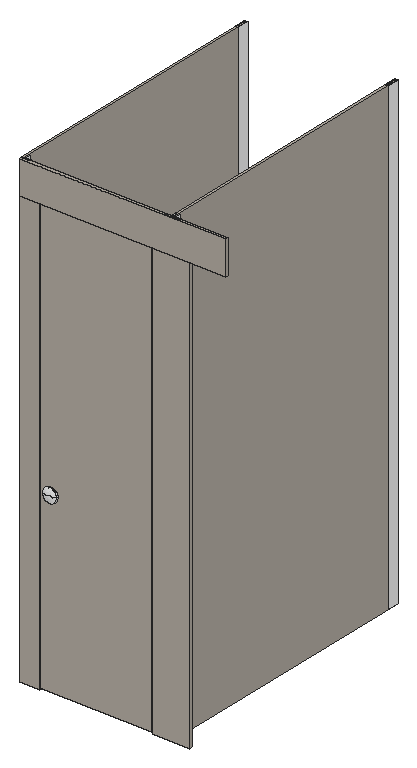
Revit family "NBS_ConceptCubicleSystems_PnlCbclSym_Identity", category Specialty Equipment, Revit 2021
Family settings
  Round Connector Dimension = Use Diameter
  Part Type = Normal
  Work Plane-Based = No
  Always vertical = Yes
  Cut with Voids When Loaded = No
  Shared = No
  Room Calculation Point = No
Parameters (values of type "PLEASE USE TYPE CATALOGUE")
  WarrantyStartDate [instance] = "1900-12-31T23:59:59"
  WarrantyGuarantorParts = "n/a"
  WarrantyGuarantorLabor = "n/a"
  WarrantyDurationUnit = "year"
  WarrantyDurationParts = "n/a"
  WarrantyDurationLabor = "n/a"
  WarrantyDescription = "n/a"
  Version = "2"  # constant formula
  Uniclass2015Version = "Systems v1.33"
  Uniclass2015Title = "Panel cubicle systems"
  Uniclass2015Code = "Ss_25_12_60_60"
  TagNumber [instance] = "n/a"
  SustainabilityPerformance = "n/a"
  SupportHeight [instance] = if(PartitionUndercut < 2 mm, 2 mm, PartitionUndercut)  # 2 mm
  Size = "n/a"
  ShowWallToWallSingleOverPanel [instance] = and(HasOverPanel, IsWallToWallSingleCubicle)  # no
  ShowWallEndSingleOverPanel [instance] = and(HasOverPanel, IsWallEndSingleCubicle)  # no
  ShowWallEndFirstOverPanel [instance] = and(HasOverPanel, IsWallEndFirstCubicle)  # no
  ShowSingleOverPanel [instance] = and(HasOverPanel, IsSingleCubicle)  # no
  ShowFirstOverPanel [instance] = and(HasOverPanel, IsFirstCubicle)  # yes
  ShowCubicleLocationLines [instance] = yes
  Shape = "Rectangle"
  SerialNumber [instance] = "n/a"
  ReverseDoorSwing [instance] = no
  ReplacementCost = "n/a"
  RailOffsetRight [instance] = if(or(IsWallEndFirstCubicle, IsWallEndEndCubicle, IsWallToWallSingleCubicle, IsFirstCubicle, IsMiddleCubicle), PanelThickness / 2, 0 mm)  # 6.25 mm
  RailOffsetLeft [instance] = if(or(IsEndCubicle, IsWallEndFirstCubicle, IsWallEndEndCubicle, IsWallEndSingleCubicle, IsWallToWallSingleCubicle, IsMiddleCubicle), PanelThickness / 2, 0 mm)  # 0 mm
  ProductInformation = "https://source.thenbs.com/product/-/f7d1f04b-28d0-4fed-9bad-c33878cb4606/ee91487b-4fed-4ea8-bdb4-540aec929c89"
  Pilasters = "12.5 mm Solid Grade Laminate (CGL)"
  PilasterRightWidth [instance] = 100 mm  # constant formula
  PilasterOpeningWidth [instance] = CubicleWidth - PilasterLeftWidth - PilasterRightWidth  # 600 mm
  PilasterMaterial = NBS_ConceptCubicleSystems_B100_BanianBlanchi-GreyGrained
  PilasterLeftWidth [instance] = 100 mm  # constant formula
  PilasterLeftCoarse [instance] = or(HasPilasterLeftCorner, HasPilasterLeftWall)  # yes
  PartitionMaterial = NBS_ConceptCubicleSystems_B100_BanianBlanchi-GreyGrained
  PartitionUndercut = 0 mm  # constant formula
  Panels = "12.5 mm Solid Grade Laminate (CGL)"
  PanelThickness = 12.5 mm
  PanelSupports = "To floor in 'U' channels"
  OverPanelMaterial = NBS_ConceptCubicleSystems_B100_BanianBlanchi-GreyGrained
  OverPanelLength [instance] = 1090 mm
  OpenOut [instance] = not(OpenIn)  # no
  OpenIn [instance] = yes
  ReversedDoorSwing [instance] = not(ReverseDoorSwing)  # yes
  NominalWidth = 0 mm
  NominalLength = 0 mm
  NominalHeight = 0 mm
  Name = "PanelCubicleSystems_IdentityCubicleSystem_12.5mmSolidGradeLaminateCGL_FirstCubicle_ConceptCubicleSystems"
  NBSVariantId = "b3b62c22-f82c-b3de-9ca2-f8acbda7c360"
  NBSObjectId = "f7d1f04b-28d0-4fed-9bad-c33878cb4606"
  NBSInstanceId = "ee91487b-4fed-4ea8-bdb4-540aec929c89"
  ModelReference = "Identity Cubicle System 12.5 mm Solid Grade Laminate (CGL)"
  ModelNumber = "n/a"
  Material = "High pressure laminate (HPL),Solid grade laminate (SGL)"
  ManufacturerURL = "www.conceptcubiclesystems.co.uk"
  ManufacturerName = "Concept Cubicle Systems"  # constant formula
  Manufacturer = "specifications@conceptcubiclesystems.co.uk"
  Lippings = "Bullnose black core"
  IsWallEndSingleCubicle = no
  IsWallEndFirstCubicle = no
  IsWallEndEndCubicle = no
  IsSingleCubicle = no
  IsWallToWallSingleCubicle = no
  IsMiddleCubicle = no
  IsFirstCubicle = yes
  IsEndCubicle = no
  Ironmongery = "Powder-coated, nickel,Powder-coated, copper,Powder-coated, matt light grey,Powder-coated, matt white,Powder-coated, matt black"
  InstallationDate [instance] = "1900-12-31T23:59:59"
  IfcExportType = "USERDEFINED"  # constant formula
  IfcExportAs = "IfcFurnitureType"  # constant formula
  HasPilasterRightWall = or(IsWallToWallSingleCubicle, IsWallEndEndCubicle)  # no
  HasPilasterRightCorner = or(IsEndCubicle, IsWallEndSingleCubicle, IsSingleCubicle)  # no
  HasPilasterRight = or(IsFirstCubicle, IsMiddleCubicle, IsWallEndFirstCubicle)  # yes
  HasPilasterLeftWall = or(IsWallToWallSingleCubicle, IsWallEndSingleCubicle, IsWallEndFirstCubicle)  # no
  HasPilasterLeftCorner = or(IsFirstCubicle, IsSingleCubicle)  # yes
  HasPartitionRight = not(or(IsWallToWallSingleCubicle, IsWallEndEndCubicle))  # yes
  HasPartitionLeft = or(IsSingleCubicle, IsFirstCubicle)  # yes
  HasOverPanel [instance] = (CubicleHeight - 10 mm) > ClearOpeningHeight  # yes
  Hardware = "Flush-fit hinges. Powder-coated aluminium ironmongery"
  Grade = "n/a"
  FittingMaterial = NBS_ConceptCubicleSystems_SatinAnodisedAluminium
  Finish = "Laminated,Powder-coated"
  Features = "n/a"
  ExpectedLife = "n/a"
  DurationUnit = "year"
  Doors = "12.5 mm Solid Grade Laminate (CGL)"
  DoorLeafMaterial = NBS_ConceptCubicleSystems_B100_BanianBlanchi-GreyGrained
  DoorLeafUndercut = 10 mm
  Description = "Robust, flush-fronted cubicle system. "
  Default Elevation = 0 mm
  CubicleWidth [instance] = 800 mm
  CubicleHeight [instance] = 2500 mm
  CubicleDepth [instance] = 1500 mm
  CountryOfProductManufacture = "United Kingdom"
  CountryOfMaterialOrigin = "Europe"
  ContainsRedListMaterials = "No"
  Constituents = "n/a"
  Colour = "Polyrey® Beige Nature (B116),Polyrey® Blanc Megève (B070),Polyrey® Blanc Menuires (B015),Polyrey® Bleu Bueé (B194),Polyrey®  Bleu Caraïbes (B086),Polyrey® Banian Noirci (B101),Polyrey® Bleu Oslo (B048),Polyrey® Banian Blanchi (B100),Polyrey® Cactus (C049),Polyrey® Capucine (C062),Polyrey® Chêne Clair Horizontal (C102),olyrey® Bleu Flash (B001),Polyrey® Bleu Turquoise (B119),Polyrey® Chardon (C018),Polyrey® Coquille D’œuf (C017),Polyrey® Cyclamen (C189),Polyrey® Genêt (G031),Polyrey® Gris Cendré (G075),Polyrey® Gris Orage (G059),Polyrey® Gris Perle (G003),Polyrey® Gris Tourterelle (G029),Polyrey® Mousse (M047),Polyrey® Noir (N005),Polyrey® Orgeat (O111),Polyrey® Pierre De Lune (P001),Polyrey® Pomme Verte (P092),Polyrey® Rose Indien (R059),Polyrey® Rouge Amarante (R057),Polyrey® Rouge Cerise (R036),Polyrey® Vert Bali (V109),Polyrey® Vert Impérial (V110),Polyrey® Vinyle (V014),Polyrey® Zeste De Citron (Z016),Polyrey® Teck Carbone (T105),Polyrey® Travertin Naturel (T108),Polyrey® Chêne Brun Horizontal (C101),Polyrey® Noyer Ombré (N026),Polyrey® Noyer Havana Horizontal (N115),Polyrey® Chêne Colorado (C149),Polyrey® Chêne Alba (C180),Polyrey® Chêne Clair Horizontal (C102),Polyrey® Noisetier Naturel (N056),Polyrey® Erable Féroé Horizontal (E104),Polyrey® Chêne D’Argent (C183),Polyrey® Marbre Taisa (M124),Polyrey® Nova Mousse (N028),Polyrey® Zeste Coco (Z022),Polyrey® Marbre Siroco (M134),Polyrey® Caviar (C011).,Polyrey® Zeste Indigo (Z038),Polyrey® Gris Acier (G076),Polyrey® Bleu Pétrole (B125),Polyrey® Céladon (C190),Polyrey® Kaki (K003),Polyrey® Fer (F006),Polyrey® Poivre (P114)"
  Color = "n/a"
  CodePerformance = "n/a"
  ClearOpeningWidth [instance] = CubicleWidth - PilasterLeftWidth - PilasterRightWidth  # 600 mm
  ClearOpeningHeight [instance] = 2320 mm
  Category = "Ss_25_12_60_60:Panel cubicle systems"
  CalcOverPanelHeight [instance] = if(HasOverPanel, CubicleHeight - ClearOpeningHeight, 10 mm)  # 180 mm
  BarCode [instance] = "n/a"
  BIMObjectName = "NBS_ConceptCubicleSystems_PanelCubicleSystems_IdentityCubicleSystem_12.5mmSolidGradeLaminateCGL_FirstCubicle"
  Author = "NBS"  # constant formula
  AssetType = "Fixed"
  AssetIdentifier [instance] = "n/a"
  AccessibilityPerformance = "n/a"
Reference planes
  plane 1 "Back": y = 0
  plane 2: z = 0
  plane 3 "Center (Left/Right)": x = 0
  plane 4 "CubicleLeft": x = -400
  plane 5 "CubicleRight": x = 400
  plane 6 "LeftPartitionExternal": x = -406.25
  plane 7 "LeftPartitionInternal": x = -393.75
  plane 8 "RightPartitionExternal": x = 406.25
  plane 9 "RightPartitionInternal": x = 393.75
  plane 10 "LeftPilaster": x = -300
  plane 11 "RightPilaster": x = 300
  plane 12 "Front": y = -1500
  plane 13 "Top": z = 2500
  plane 14 "PartitionElevation": z = 0
  plane 15 "Left": x = -400
  plane 16 "Right": x = 400
  plane 17 "ClearOpeningTop": z = 2460
  plane 18 "Leg": y = -1300
  plane 19 "OverPanelBottom": z = 2320
  plane 20 "PilasterBack": y = -1487.5
  plane 21 "OverPlanelTop": z = 2500
  plane 22: x = 500
  plane 23 "OverPanelEnd": x = 690
Forms (mm)
  Extrusion 1, solid, material "NBS_ConceptCubicleSystems_B100_BanianBlanchi-GreyGrained" <- "PartitionMaterial", visible <- "HasPartitionLeft", detail levels medium+fine
    sketch origin (0, 0, 0) x (1, 0, 0) y (0, 1, 0)
      loop
        line (-406.25, 0) -> (-406.25, -1487.5) -> (-393.75, -1487.5) -> (-393.75, 0) -> (-406.25, 0)
    from 0 to 2500
  Extrusion 2, solid, material "NBS_ConceptCubicleSystems_B100_BanianBlanchi-GreyGrained" <- "PartitionMaterial", visible <- "HasPartitionRight", detail levels medium+fine
    sketch origin (0, 0, 0) x (1, 0, 0) y (0, 1, 0)
      loop
        line (393.75, 0) -> (393.75, -1487.5) -> (406.25, -1487.5) -> (406.25, 0) -> (393.75, 0)
    from 0 to 2500
  Extrusion 3, solid, material "NBS_ConceptCubicleSystems_B100_BanianBlanchi-GreyGrained" <- "PartitionMaterial", visible <- "HasPartitionLeft", detail levels coarse
    sketch origin (0, 0, 0) x (1, 0, 0) y (0, 1, 0)
      loop
        line (-406.25, 0) -> (-406.25, -1487.5) -> (-393.75, -1487.5) -> (-393.75, 0) -> (-406.25, 0)
    from 0 to 2500
  Extrusion 4, solid, material "NBS_ConceptCubicleSystems_B100_BanianBlanchi-GreyGrained" <- "PartitionMaterial", visible <- "HasPartitionRight", detail levels coarse
    sketch origin (0, 0, 0) x (1, 0, 0) y (0, 1, 0)
      loop
        line (393.75, 0) -> (393.75, -1487.5) -> (406.25, -1487.5) -> (406.25, 0) -> (393.75, 0)
    from 0 to 2500
  Sweep 5, solid, material "NBS_ConceptCubicleSystems_SatinAnodisedAluminium" <- "FittingMaterial", visible <- "HasPartitionLeft", detail levels fine
    path origin (0, 0, 0) x (1, 0, 0) y (0, 0, 1)
      loop
        line (-400, 0) -> (-400, 2500)
    profile origin (-400, 0, 1250) x (-1, 0, 0) y (0, -1, 0)
      loop
        line (8.25, 58) -> (6.25, 58) -> (6.25, 2) -> (-6.25, 2) -> (-6.25, 58) -> (-8.25, 58) -> (-8.25, 0) -> (8.25, 0) -> (8.25, 58)
  Sweep 6, solid, material "NBS_ConceptCubicleSystems_SatinAnodisedAluminium" <- "FittingMaterial", visible <- "HasPartitionRight", detail levels fine
    path origin (0, 0, 0) x (1, 0, 0) y (0, 0, 1)
      loop
        line (400, 0) -> (400, 2500)
    profile origin (400, 0, 1250) x (-1, 0, 0) y (0, -1, 0)
      loop
        line (8.25, 58) -> (6.25, 58) -> (6.25, 2) -> (-6.25, 2) -> (-6.25, 58) -> (-8.25, 58) -> (-8.25, 0) -> (8.25, 0) -> (8.25, 58)
  Sweep 7, solid, material "NBS_ConceptCubicleSystems_SatinAnodisedAluminium" <- "FittingMaterial", visible <- "HasPilasterLeftWall", detail levels fine
    path origin (-1330.638, -1500, 1200) x (-1, 0, 0) y (0, 0, 1)
      loop
        line (-930.638, -1200) -> (-930.638, 1300)
    profile origin (-400, -1500, 1250) x (1, 0, 0) y (0, 1, 0)
      loop
        line (4, 42.5) -> (0, 42.5) -> (0, 12.5) -> (30, 12.5) -> (30, 16.5) -> (4, 16.5) -> (4, 42.5)
  Sweep 8, solid, material "NBS_ConceptCubicleSystems_SatinAnodisedAluminium" <- "FittingMaterial", visible <- "HasPilasterRight", detail levels fine
    path origin (-1330.638, -1500, 1200) x (-1, 0, 0) y (0, 0, 1)
      loop
        line (-1730.638, -1200) -> (-1730.638, 1300)
    profile origin (400, -1500, 1250) x (1, 0, 0) y (0, 1, 0)
      loop
        line (-6.25, 42.5) -> (-10.25, 42.5) -> (-10.25, 16.5) -> (-36.25, 16.5) -> (-36.25, 12.5) -> (-6.25, 12.5) -> (-6.25, 42.5)
      loop
        line (6.25, 42.5) -> (6.25, 12.5) -> (36.25, 12.5) -> (36.25, 16.5) -> (10.25, 16.5) -> (10.25, 42.5) -> (6.25, 42.5)
  Sweep 9, solid, material "NBS_ConceptCubicleSystems_SatinAnodisedAluminium" <- "FittingMaterial", visible <- "HasPilasterRightWall", detail levels fine
    path origin (-1330.638, -1500, 1200) x (-1, 0, 0) y (0, 0, 1)
      loop
        line (-1730.638, -1200) -> (-1730.638, 1300)
    profile origin (400, -1500, 1250) x (1, 0, 0) y (0, 1, 0)
      loop
        line (-4, 42.5) -> (-4, 16.5) -> (-30, 16.5) -> (-30, 12.5) -> (0, 12.5) -> (0, 42.5) -> (-4, 42.5)
  Sweep 10, solid, material "NBS_ConceptCubicleSystems_SatinAnodisedAluminium" <- "FittingMaterial", visible <- "HasPilasterRightCorner", detail levels fine
    path origin (-1330.638, -1500, 1200) x (-1, 0, 0) y (0, 0, 1)
      loop
        line (-1730.638, -1200) -> (-1730.638, 1300)
    profile origin (400, -1500, 1250) x (1, 0, 0) y (0, 1, 0)
      loop
        line (-6.25, 42.5) -> (-10.25, 42.5) -> (-10.25, 16.5) -> (-36.25, 16.5) -> (-36.25, 12.5) -> (-6.25, 12.5) -> (-6.25, 42.5)
  Sweep 11, solid, material "NBS_ConceptCubicleSystems_SatinAnodisedAluminium" <- "FittingMaterial", visible <- "HasPilasterLeftCorner", detail levels fine
    path origin (-1330.638, -1500, 1200) x (-1, 0, 0) y (0, 0, 1)
      loop
        line (-930.638, -1200) -> (-930.638, 1300)
    profile origin (-400, -1500, 1250) x (1, 0, 0) y (0, 1, 0)
      loop
        line (6.25, 42.5) -> (6.25, 12.5) -> (36.25, 12.5) -> (36.25, 16.5) -> (10.25, 16.5) -> (10.25, 42.5) -> (6.25, 42.5)
  Extrusion 12, solid, material "NBS_ConceptCubicleSystems_B100_BanianBlanchi-GreyGrained" <- "PilasterMaterial", visible <- "HasPilasterLeftWall", detail levels medium+fine
    sketch origin (-1330.638, -1500, 1200) x (-1, 0, 0) y (0, 0, 1)
      loop
        line (-930.638, -1200) -> (-930.638, 1120) -> (-1030.638, 1120) -> (-1030.638, -1200) -> (-930.638, -1200)
    from 0 to 12.5
  Extrusion 13, solid, material "NBS_ConceptCubicleSystems_B100_BanianBlanchi-GreyGrained" <- "PilasterMaterial", visible <- "HasPilasterRightCorner", detail levels medium+fine
    sketch origin (-1330.638, -1500, 1200) x (-1, 0, 0) y (0, 0, 1)
      loop
        line (-1630.638, 1120) -> (-1736.888, 1120) -> (-1736.888, -1200) -> (-1630.638, -1200) -> (-1630.638, 1120)
    from 0 to 12.5
  Extrusion 14, solid, material "NBS_ConceptCubicleSystems_B100_BanianBlanchi-GreyGrained" <- "OverPanelMaterial", visible <- "ShowWallToWallSingleOverPanel"
    sketch origin (-1330.638, -1500, 1200) x (-1, 0, 0) y (0, 0, 1)
      loop
        line (-930.638, 1120) -> (-930.638, 1300) -> (-1730.638, 1300) -> (-1730.638, 1120) -> (-930.638, 1120)
    from 0 to 12.5
  Extrusion 15, solid, material "NBS_ConceptCubicleSystems_B100_BanianBlanchi-GreyGrained" <- "PilasterMaterial", visible <- "HasPilasterLeftCorner", detail levels medium+fine
    sketch origin (-1330.638, -1500, 1200) x (-1, 0, 0) y (0, 0, 1)
      loop
        line (-924.388, -1200) -> (-924.388, 1120) -> (-1030.638, 1120) -> (-1030.638, -1200) -> (-924.388, -1200)
    from 0 to 12.5
  Extrusion 16, solid, material "NBS_ConceptCubicleSystems_B100_BanianBlanchi-GreyGrained" <- "PilasterMaterial", visible <- "HasPilasterRight", detail levels medium+fine
    sketch origin (-1330.638, -1500, 1200) x (-1, 0, 0) y (0, 0, 1)
      loop
        line (-1630.638, -1200) -> (-1630.638, 1120) -> (-1830.638, 1120) -> (-1830.638, -1200) -> (-1630.638, -1200)
    from 0 to 12.5
  Extrusion 17, solid, material "NBS_ConceptCubicleSystems_B100_BanianBlanchi-GreyGrained" <- "PilasterMaterial", visible <- "HasPilasterRightWall", detail levels medium+fine
    sketch origin (-1330.638, -1500, 1200) x (-1, 0, 0) y (0, 0, 1)
      loop
        line (-1730.638, -1200) -> (-1630.638, -1200) -> (-1630.638, 1120) -> (-1730.638, 1120) -> (-1730.638, -1200)
    from 0 to 12.5
  Extrusion 18, solid, material "NBS_ConceptCubicleSystems_B100_BanianBlanchi-GreyGrained" <- "OverPanelMaterial", visible <- "ShowSingleOverPanel"
    sketch origin (-1330.638, -1500, 1200) x (-1, 0, 0) y (0, 0, 1)
      loop
        line (-924.388, 1120) -> (-924.388, 1300) -> (-1736.888, 1300) -> (-1736.888, 1120) -> (-924.388, 1120)
    from 0 to 12.5
  Extrusion 19, solid, material "NBS_ConceptCubicleSystems_B100_BanianBlanchi-GreyGrained" <- "OverPanelMaterial", visible <- "ShowWallEndSingleOverPanel"
    sketch origin (-1330.638, -1500, 1200) x (-1, 0, 0) y (0, 0, 1)
      loop
        line (-930.638, 1120) -> (-930.638, 1300) -> (-1736.888, 1300) -> (-1736.888, 1120) -> (-930.638, 1120)
    from 0 to 12.5
  Extrusion 20, solid, material "NBS_ConceptCubicleSystems_B100_BanianBlanchi-GreyGrained" <- "OverPanelMaterial", visible <- "ShowWallEndFirstOverPanel"
    sketch origin (-1330.638, -1500, 1200) x (-1, 0, 0) y (0, 0, 1)
      loop
        line (-930.638, 1300) -> (-2020.638, 1300) -> (-2020.638, 1120) -> (-930.638, 1120) -> (-930.638, 1300)
    from 0 to 12.5
  Extrusion 21, solid, material "NBS_ConceptCubicleSystems_B100_BanianBlanchi-GreyGrained" <- "OverPanelMaterial", visible <- "ShowFirstOverPanel"
    sketch origin (-1330.638, -1500, 1200) x (-1, 0, 0) y (0, 0, 1)
      loop
        line (-924.388, 1300) -> (-2020.638, 1300) -> (-2020.638, 1120) -> (-924.388, 1120) -> (-924.388, 1300)
    from 0 to 12.5
  Extrusion 22, solid, material "NBS_ConceptCubicleSystems_B100_BanianBlanchi-GreyGrained" <- "PilasterMaterial", visible <- "HasPilasterRightCorner", detail levels coarse
    sketch origin (-1330.638, -1500, 1200) x (-1, 0, 0) y (0, 0, 1)
      loop
        line (-1630.638, 1120) -> (-1736.888, 1120) -> (-1736.888, -1200) -> (-1630.638, -1200) -> (-1630.638, 1120)
    from 0 to 12.5
  Extrusion 23, solid, material "NBS_ConceptCubicleSystems_B100_BanianBlanchi-GreyGrained" <- "PilasterMaterial", visible <- "HasPilasterRight", detail levels coarse
    sketch origin (-1330.638, -1500, 1200) x (-1, 0, 0) y (0, 0, 1)
      loop
        line (-1630.638, 1120) -> (-1830.638, 1120) -> (-1830.638, -1200) -> (-1630.638, -1200) -> (-1630.638, 1120)
    from 0 to 12.5
  Extrusion 24, solid, material "NBS_ConceptCubicleSystems_B100_BanianBlanchi-GreyGrained" <- "PilasterMaterial", visible <- "HasPilasterLeftCorner", detail levels coarse
    sketch origin (-1330.638, -1500, 1200) x (-1, 0, 0) y (0, 0, 1)
      loop
        line (-924.388, 1120) -> (-1030.638, 1120) -> (-1030.638, -1200) -> (-924.388, -1200) -> (-924.388, 1120)
    from 0 to 12.5
  Extrusion 25, solid, material "NBS_ConceptCubicleSystems_B100_BanianBlanchi-GreyGrained" <- "PilasterMaterial", visible <- "HasPilasterRightWall", detail levels coarse
    sketch origin (-1330.638, -1500, 1200) x (-1, 0, 0) y (0, 0, 1)
      loop
        line (-1730.638, -1200) -> (-1630.638, -1200) -> (-1630.638, 1120) -> (-1730.638, 1120) -> (-1730.638, -1200)
    from 0 to 12.5
  Extrusion 26, solid, material "NBS_ConceptCubicleSystems_B100_BanianBlanchi-GreyGrained" <- "PilasterMaterial", visible <- "HasPilasterLeftWall", detail levels coarse
    sketch origin (-1330.638, -1500, 1200) x (-1, 0, 0) y (0, 0, 1)
      loop
        line (-930.638, -1200) -> (-930.638, 1120) -> (-1030.638, 1120) -> (-1030.638, -1200) -> (-930.638, -1200)
    from 0 to 12.5
Lines and regions (mm)
  symbolic lines, visible <- "HasPartitionLeft", detail levels coarse
    curve 1: line (-400, 0, 0) -> (-400, -1500, 0)
  symbolic lines, detail levels coarse
    curve 2: line (-300, -1500, 0) -> (-400, -1500, 0)
    curve 3: line (300, -1500, 0) -> (400, -1500, 0)
  symbolic lines, visible <- "HasPartitionRight", detail levels coarse
    curve 4: line (400, -1500, 0) -> (400, 0, 0)
  symbolic lines, style "SpecialityEquipmentHiddenLines", visible <- "ShowCubicleLocationLines"
    curve 5: line (400, -1500, 0) -> (400, 0, 0)
    curve 6: line (-400, 0, 0) -> (-400, -1500, 0)
Dimensions and locks
  equal spacing: plane 4 "CubicleLeft", plane 3 "Center (Left/Right)", plane 5 "CubicleRight"
  "CubicleWidth": plane 4 "CubicleLeft" to plane 5 "CubicleRight"
  equal spacing: plane 6 "LeftPartitionExternal", plane 4 "CubicleLeft", plane 7 "LeftPartitionInternal"
  "PanelThickness": plane 6 "LeftPartitionExternal" to plane 7 "LeftPartitionInternal"
  equal spacing: plane 9 "RightPartitionInternal", plane 5 "CubicleRight", plane 8 "RightPartitionExternal"
  "PanelThickness": plane 9 "RightPartitionInternal" to plane 8 "RightPartitionExternal"
  "CubicleHeight": plane 13 "Top" to level
  "PartitionUndercut": plane 14 "PartitionElevation" to level
  "PilasterRightWidth": plane 11 "RightPilaster" to plane 5 "CubicleRight"
  "PilasterLeftWidth": plane 4 "CubicleLeft" to plane 10 "LeftPilaster"
  locked: plane 13 "Top" to plane 17 "ClearOpeningTop" at 40
  locked: Sweep 5 sketch curve to plane 6 "LeftPartitionExternal" at 2
  locked: plane 7 "LeftPartitionInternal" to Sweep 5 sketch curve at 2
  locked: Sweep 6 sketch curve to plane 9 "RightPartitionInternal" at 2
  locked: plane 8 "RightPartitionExternal" to Sweep 6 sketch curve at 2
  locked: Sweep 8 sketch curve to plane 9 "RightPartitionInternal" at 4
  locked: plane 8 "RightPartitionExternal" to Sweep 8 sketch curve at 4
  locked: Sweep 10 sketch curve to plane 9 "RightPartitionInternal" at 4
  locked: plane 7 "LeftPartitionInternal" to Sweep 11 sketch curve at 4
  "CubicleDepth": plane 12 "Front" to plane 1 "Back"
  locked: plane 4 "CubicleLeft" to Sweep 7 sketch curve at 4
  locked: Sweep 9 sketch curve to plane 5 "CubicleRight" at 4
  locked: plane 18 "Leg" to plane 12 "Front" at 200
  locked: Sweep 5 sketch curve to plane 1 "Back" at 58  (x2)
  locked: Sweep 6 sketch curve to plane 1 "Back" at 58  (x2)
  "ClearOpeningHeight": plane 19 "OverPanelBottom" to level
  "PanelThickness": plane 20 "PilasterBack" to plane 12 "Front"
  locked: Sweep 7 sketch curve to plane 20 "PilasterBack" at 4
  locked: profile plane to Sweep 7 sketch curve at 30
  locked: Sweep 7 sketch curve to plane 20 "PilasterBack" at 30
  locked: Sweep 9 sketch curve to plane 20 "PilasterBack" at 30
  locked: Sweep 9 sketch curve to plane 20 "PilasterBack" at 4
  locked: Sweep 9 sketch curve to profile plane at 30
  locked: Sweep 11 sketch curve to plane 20 "PilasterBack" at 30
  locked: plane 7 "LeftPartitionInternal" to Sweep 11 sketch curve at 30
  locked: Sweep 11 sketch curve to plane 20 "PilasterBack" at 4
  locked: Sweep 10 sketch curve to plane 9 "RightPartitionInternal" at 30
  locked: Sweep 10 sketch curve to plane 20 "PilasterBack" at 4
  locked: Sweep 10 sketch curve to plane 20 "PilasterBack" at 30
  "CalcOverPanelHeight": plane 21 "OverPlanelTop" to plane 19 "OverPanelBottom"
  "PilasterLeftWidth": plane 5 "CubicleRight" to plane 22
  locked: plane 8 "RightPartitionExternal" to Sweep 8 sketch curve at 30
  locked: Sweep 8 sketch curve to plane 9 "RightPartitionInternal" at 30
  locked: Sweep 8 sketch curve to plane 20 "PilasterBack" at 4  (x2)
  "OverPanelLength": plane 15 "Left" to plane 23 "OverPanelEnd"
  aligned and locked: level to plane 2
  aligned and locked: Extrusion 1 sketch curve to plane 6 "LeftPartitionExternal"
  aligned and locked: plane 7 "LeftPartitionInternal" to Extrusion 1 sketch curve
  aligned and locked: Extrusion 2 sketch curve to plane 9 "RightPartitionInternal"
  aligned and locked: plane 8 "RightPartitionExternal" to Extrusion 2 sketch curve
  aligned and locked: plane 13 "Top" to Extrusion 1
  aligned and locked: plane 13 "Top" to Extrusion 2
  aligned and locked: plane 1 "Back" to Extrusion 1 sketch curve
  aligned and locked: plane 1 "Back" to Extrusion 2 sketch curve
  aligned and locked: Extrusion 3 sketch curve to plane 6 "LeftPartitionExternal"
  aligned and locked: plane 7 "LeftPartitionInternal" to Extrusion 3 sketch curve
  aligned and locked: Extrusion 3 sketch curve to plane 1 "Back"
  aligned and locked: Extrusion 4 sketch curve to plane 9 "RightPartitionInternal"
  aligned and locked: plane 8 "RightPartitionExternal" to Extrusion 4 sketch curve
  aligned and locked: Extrusion 4 sketch curve to plane 1 "Back"
  aligned and locked: plane 13 "Top" to Extrusion 3
  aligned and locked: plane 13 "Top" to Extrusion 4
  aligned and locked: plane 1 "Back" to curve 4
  aligned and locked: plane 11 "RightPilaster" to curve 3
  aligned and locked: plane 10 "LeftPilaster" to curve 2
  aligned and locked: curve 1 to plane 4 "CubicleLeft"
  aligned and locked: plane 15 "Left" to plane 4 "CubicleLeft"
  aligned and locked: plane 16 "Right" to plane 5 "CubicleRight"
  aligned and locked: curve 5 to plane 5 "CubicleRight"
  aligned and locked: plane 1 "Back" to curve 5
  aligned and locked: curve 6 to plane 4 "CubicleLeft"
  aligned and locked: plane 1 "Back" to curve 6
  aligned and locked: plane 4 "CubicleLeft" to curve 2
  aligned and locked: Extrusion 2 to plane 14 "PartitionElevation"
  aligned and locked: Extrusion 1 to plane 14 "PartitionElevation"
  aligned and locked: Extrusion 3 to plane 14 "PartitionElevation"
  aligned and locked: Extrusion 4 to plane 14 "PartitionElevation"
  aligned and locked: nested 1 to plane 11 "RightPilaster"
  aligned and locked: nested 2 to plane 10 "LeftPilaster"
  aligned and locked: plane 14 "PartitionElevation" to Sweep 5 sketch curve
  aligned and locked: plane 13 "Top" to Sweep 5 sketch curve
  aligned and locked: Sweep 5 sketch curve to plane 1 "Back"
  aligned and locked: Sweep 5 sketch curve to plane 6 "LeftPartitionExternal"
  aligned and locked: plane 7 "LeftPartitionInternal" to Sweep 5 sketch curve
  aligned and locked: plane 16 "Right" to Sweep 6 sketch curve
  aligned and locked: plane 14 "PartitionElevation" to Sweep 6 sketch curve
  aligned and locked: plane 13 "Top" to Sweep 6 sketch curve
  aligned and locked: Sweep 6 sketch curve to plane 9 "RightPartitionInternal"
  aligned and locked: plane 8 "RightPartitionExternal" to Sweep 6 sketch curve
  aligned and locked: plane 12 "Front" to curve 2
  aligned and locked: curve 3 to plane 12 "Front"
  aligned and locked: plane 12 "Front" to nested 2
  aligned and locked: nested 1 to plane 12 "Front"
  aligned and locked: plane 15 "Left" to Sweep 7 sketch curve
  aligned and locked: plane 13 "Top" to Sweep 7 sketch curve
  aligned and locked: plane 14 "PartitionElevation" to Sweep 7 sketch curve
  aligned and locked: Sweep 8 sketch curve to plane 16 "Right"
  aligned and locked: plane 14 "PartitionElevation" to Sweep 8 sketch curve
  aligned and locked: plane 13 "Top" to Sweep 8 sketch curve
  aligned and locked: Sweep 8 sketch curve to plane 9 "RightPartitionInternal"
  aligned and locked: plane 8 "RightPartitionExternal" to Sweep 8 sketch curve
  aligned and locked: Sweep 9 sketch curve to plane 16 "Right"
  aligned and locked: plane 13 "Top" to Sweep 9 sketch curve
  aligned and locked: plane 14 "PartitionElevation" to Sweep 9 sketch curve
  aligned and locked: Sweep 10 sketch curve to plane 16 "Right"
  aligned and locked: plane 13 "Top" to Sweep 10 sketch curve
  aligned and locked: plane 14 "PartitionElevation" to Sweep 10 sketch curve
  aligned and locked: Sweep 10 sketch curve to plane 9 "RightPartitionInternal"
  aligned and locked: plane 15 "Left" to Sweep 11 sketch curve
  aligned and locked: plane 14 "PartitionElevation" to Sweep 11 sketch curve
  aligned and locked: plane 13 "Top" to Sweep 11 sketch curve
  aligned and locked: plane 7 "LeftPartitionInternal" to Sweep 11 sketch curve
  aligned and locked: Extrusion 3 sketch curve to plane 20 "PilasterBack"
  aligned and locked: Extrusion 1 sketch curve to plane 20 "PilasterBack"
  aligned and locked: Extrusion 4 sketch curve to plane 20 "PilasterBack"
  aligned and locked: Extrusion 2 sketch curve to plane 20 "PilasterBack"
  aligned and locked: Sweep 7 sketch curve to plane 20 "PilasterBack"
  aligned and locked: Sweep 9 sketch curve to plane 20 "PilasterBack"
  aligned and locked: Sweep 11 sketch curve to plane 20 "PilasterBack"
  aligned and locked: Sweep 10 sketch curve to plane 20 "PilasterBack"
  aligned and locked: plane 15 "Left" to Extrusion 12 sketch curve
  aligned and locked: plane 10 "LeftPilaster" to Extrusion 12 sketch curve
  aligned and locked: plane 14 "PartitionElevation" to Extrusion 12 sketch curve
  aligned and locked: plane 19 "OverPanelBottom" to Extrusion 12 sketch curve
  aligned and locked: Extrusion 12 to Extrusion 1
  aligned and locked: Extrusion 13 sketch curve to plane 11 "RightPilaster"
  aligned and locked: plane 14 "PartitionElevation" to Extrusion 13 sketch curve
  aligned and locked: plane 19 "OverPanelBottom" to Extrusion 13 sketch curve
  aligned and locked: Extrusion 13 to Extrusion 2
  aligned and locked: plane 19 "OverPanelBottom" to Extrusion 14 sketch curve
  aligned and locked: plane 21 "OverPlanelTop" to Extrusion 14 sketch curve
  aligned and locked: plane 15 "Left" to Extrusion 14 sketch curve
  aligned and locked: Extrusion 14 sketch curve to plane 16 "Right"
  aligned and locked: Extrusion 14 to Extrusion 1
  aligned and locked: Extrusion 13 sketch curve to plane 8 "RightPartitionExternal"
  aligned and locked: plane 14 "PartitionElevation" to Extrusion 15 sketch curve
  aligned and locked: plane 6 "LeftPartitionExternal" to Extrusion 15 sketch curve
  aligned and locked: plane 10 "LeftPilaster" to Extrusion 15 sketch curve
  aligned and locked: plane 19 "OverPanelBottom" to Extrusion 15 sketch curve
  aligned and locked: Extrusion 15 to Extrusion 1
  aligned and locked: plane 14 "PartitionElevation" to Extrusion 16 sketch curve
  aligned and locked: Extrusion 16 sketch curve to plane 11 "RightPilaster"
  aligned and locked: plane 22 to Extrusion 16 sketch curve
  aligned and locked: plane 19 "OverPanelBottom" to Extrusion 16 sketch curve
  aligned and locked: Extrusion 16 to Extrusion 2
  aligned and locked: Sweep 8 sketch curve to plane 20 "PilasterBack"  (x2)
  aligned and locked: Extrusion 17 sketch curve to plane 16 "Right"
  aligned and locked: Extrusion 17 sketch curve to plane 11 "RightPilaster"
  aligned and locked: plane 14 "PartitionElevation" to Extrusion 17 sketch curve
  aligned and locked: plane 19 "OverPanelBottom" to Extrusion 17 sketch curve
  aligned and locked: plane 20 "PilasterBack" to Extrusion 17
  aligned and locked: plane 19 "OverPanelBottom" to Extrusion 18 sketch curve
  aligned and locked: plane 21 "OverPlanelTop" to Extrusion 18 sketch curve
  aligned and locked: plane 6 "LeftPartitionExternal" to Extrusion 18 sketch curve
  aligned and locked: Extrusion 18 sketch curve to plane 8 "RightPartitionExternal"
  aligned and locked: plane 20 "PilasterBack" to Extrusion 18
  aligned and locked: plane 19 "OverPanelBottom" to Extrusion 19 sketch curve
  aligned and locked: plane 21 "OverPlanelTop" to Extrusion 19 sketch curve
  aligned and locked: plane 15 "Left" to Extrusion 19 sketch curve
  aligned and locked: Extrusion 19 sketch curve to plane 8 "RightPartitionExternal"
  aligned and locked: Extrusion 19 to plane 20 "PilasterBack"
  aligned and locked: plane 21 "OverPlanelTop" to Extrusion 20 sketch curve
  aligned and locked: plane 19 "OverPanelBottom" to Extrusion 20 sketch curve
  aligned and locked: plane 15 "Left" to Extrusion 20 sketch curve
  aligned and locked: plane 23 "OverPanelEnd" to Extrusion 20 sketch curve
  aligned and locked: Extrusion 20 to plane 20 "PilasterBack"
  aligned and locked: plane 6 "LeftPartitionExternal" to Extrusion 21 sketch curve
  aligned and locked: plane 21 "OverPlanelTop" to Extrusion 21 sketch curve
  aligned and locked: plane 19 "OverPanelBottom" to Extrusion 21 sketch curve
  aligned and locked: plane 23 "OverPanelEnd" to Extrusion 21 sketch curve
  aligned and locked: Extrusion 21 to plane 20 "PilasterBack"
  aligned and locked: Extrusion 22 sketch curve to plane 11 "RightPilaster"
  aligned and locked: Extrusion 22 sketch curve to plane 8 "RightPartitionExternal"
  aligned and locked: plane 14 "PartitionElevation" to Extrusion 22 sketch curve
  aligned and locked: plane 19 "OverPanelBottom" to Extrusion 22 sketch curve
  aligned and locked: plane 20 "PilasterBack" to Extrusion 22
  aligned and locked: Extrusion 23 sketch curve to plane 11 "RightPilaster"
  aligned and locked: plane 22 to Extrusion 23 sketch curve
  aligned and locked: plane 14 "PartitionElevation" to Extrusion 23 sketch curve
  aligned and locked: plane 19 "OverPanelBottom" to Extrusion 23 sketch curve
  aligned and locked: plane 20 "PilasterBack" to Extrusion 23
  aligned and locked: plane 6 "LeftPartitionExternal" to Extrusion 24 sketch curve
  aligned and locked: plane 10 "LeftPilaster" to Extrusion 24 sketch curve
  aligned and locked: plane 14 "PartitionElevation" to Extrusion 24 sketch curve
  aligned and locked: plane 19 "OverPanelBottom" to Extrusion 24 sketch curve
  aligned and locked: plane 20 "PilasterBack" to Extrusion 24
  aligned and locked: Extrusion 25 sketch curve to plane 16 "Right"
  aligned and locked: Extrusion 25 sketch curve to plane 11 "RightPilaster"
  aligned and locked: plane 14 "PartitionElevation" to Extrusion 25 sketch curve
  aligned and locked: plane 19 "OverPanelBottom" to Extrusion 25 sketch curve
  aligned and locked: plane 20 "PilasterBack" to Extrusion 25
  aligned and locked: plane 14 "PartitionElevation" to Extrusion 26 sketch curve
  aligned and locked: plane 15 "Left" to Extrusion 26 sketch curve
  aligned and locked: plane 10 "LeftPilaster" to Extrusion 26 sketch curve
  aligned and locked: plane 19 "OverPanelBottom" to Extrusion 26 sketch curve
  aligned and locked: plane 20 "PilasterBack" to Extrusion 26
Automatic sketch dimensions
  plane 1 "Back" to curve 1 = 0 mm
  Sweep 5 sketch curve to plane 4 "CubicleLeft" = 0 mm
  plane 1 "Back" to Sweep 5 sketch curve = 2 mm
  plane 1 "Back" to Sweep 6 sketch curve = 0 mm
  Sweep 6 sketch curve to Sweep 6 sketch curve = 2 mm
  Sweep 8 sketch curve to Sweep 8 sketch curve = 26 mm
  Sweep 8 sketch curve to Sweep 8 sketch curve = 0 mm
  Sweep 7 sketch curve to profile plane = 0 mm
  profile plane to Sweep 9 sketch curve = 0 mm
  plane 8 "RightPartitionExternal" to Extrusion 13 sketch curve = 0 mm
Nested families
  nested 1: "NBS_ConceptCubicleSystems_PnlCbclSym_Identity_DoorLeaf" at (300, -1500, 0), visible <- "ReversedDoorSwing", type "Door"
    with PilasterOpeningWidth 600 mm, OpenOut no, OpenIn yes, DoorLeafWidth 598 mm, DoorLeafThickness 12.5 mm, DoorLeafHeight 2309 mm, DoorLeafElevation 10 mm, DoorHeightCoarse 2320 mm
  nested 2: "NBS_ConceptCubicleSystems_PnlCbclSym_Identity_DoorLeaf" at (-300, -1500, 0) x (-1, 0, 0) z (0, 0, 1), visible <- "ReverseDoorSwing", type "Door"
    with PilasterOpeningWidth 600 mm, OpenOut no, OpenIn yes, DoorLeafWidth 598 mm, DoorLeafThickness 12.5 mm, DoorLeafHeight 2309 mm, DoorLeafElevation 10 mm, DoorHeightCoarse 2320 mm
Definition of nested family "NBS_ConceptCubicleSystems_PnlCbclSym_Identity_DoorLeaf"
  Parameters (values of type "Door")
    PilasterOpeningWidth = 716 mm
    OpenOut = not(OpenIn)  # yes
    OpenIn = no
    OccupancyIndicatorMaterial = none
    LockOffset = if(OpenOut, 58 mm, 58 mm)  # 58 mm
    FittingMaterial = none
    DoorLeafWidth = if(OpenIn, PilasterOpeningWidth - (DoorLeafGap * 2), PilasterOpeningWidth - (DoorLeafGap * 2))  # 714 mm
    DoorLeafThickness = 20 mm
    DoorLeafOffset = if(OpenOut, 0 mm, 0 mm)  # 0 mm
    DoorLeafMaterial = none
    DoorLeafHeight = DoorHeightCoarse - DoorLeafElevation - DoorLeafGap  # 1949 mm
    DoorLeafGap = 1 mm
    DoorLeafElevation = 50 mm
    DoorHeightCoarse = 2000 mm
    Default Elevation = 0 mm
  Reference planes
    plane 1 "Pilaster": y = 0
    plane 2: z = 0
    plane 3 "RightPilaster": x = 0
    plane 4 "DoorFront": y = 0
    plane 5 "DoorBack": y = 20
    plane 6 "HingeInFB": y = 25
    plane 7 "DoorBackOpen": y = 739
    plane 8 "LockLR": x = -658
    plane 9 "Lock": z = 950
    plane 10 "Top": z = 1999
    plane 11 "DoorBottom": z = 50
    plane 12: z = 1024.5
    plane 13 "CubicleTop": z = 2000
    plane 14 "HingeOutLR": x = -1
    plane 15 "HingeOutFB": y = -4.984
    plane 16 "DoorRightOpenOut": x = -21
    plane 17 "DoorFrontOpenOut": y = -718.984
    plane 18 "LeftPilaster": x = -716
    plane 19 "DoorOpenOutLeft": x = -715
    plane 20 "Handle": x = -565
    plane 21: z = 830
    plane 22: z = 1070
    plane 23: x = -746
    plane 24: x = -678
  Forms (mm)
    Revolve 1, solid, material <- "OccupancyIndicatorMaterial", detail levels medium+fine
      sketch origin (-310.75, 0, 950) x (-1, 0, 0) y (0, -1, 0)
        loop
          line (347.25, 0) -> (384.75, 0) -> (384.75, 6.5)
          arc (384.75, 6.5) -> (366.28, 11.363) -> (347.25, 13) r 111.423
          line (347.25, 13) -> (347.25, 0)
        axis (347.25, 0) -> (347.25, 13)
      angle from 0 to 360
    Extrusion 2, solid, material <- "DoorLeafMaterial", detail levels coarse
      sketch origin (0, 0, 50) x (-1, 0, 0) y (0, -1, 0)
        loop
          line (716, -20) -> (716, 0) -> (0, 0) -> (0, -20) -> (716, -20)
      from 0 to 1950
    Extrusion 3, solid, material <- "DoorLeafMaterial", detail levels medium+fine
      sketch origin (0, 0, 50) x (-1, 0, 0) y (0, -1, 0)
        loop
          line (715, -20) -> (715, 0) -> (1, 0) -> (1, -20) -> (715, -20)
      from 0 to 1949
    Extrusion 4, solid, material <- "OccupancyIndicatorMaterial", visible <- "OpenOut", detail levels medium+fine
      sketch origin (0, 0, 950) x (-1, 0, 0) y (0, -1, 0)
        loop
          circle (565, 64) r 15
        loop
          circle (565, -84) r 15
      from -150 to 150
    Revolve 5, solid, material <- "OccupancyIndicatorMaterial", visible <- "OpenOut", detail levels medium+fine
      sketch origin (-548.104, -1524, 830) x (-1, 0, 0) y (0, -1, 0)
        loop
          line (16.896, -1524) -> (28.896, -1524) -> (28.896, -1513) -> (21.896, -1486) -> (21.896, -1467.18) -> (16.896, -1467.18) -> (16.896, -1524)
        loop
          line (16.896, -1544) -> (16.896, -1600.82) -> (21.896, -1600.82) -> (21.896, -1582) -> (28.896, -1555) -> (28.896, -1544) -> (16.896, -1544)
        axis (16.896, -1600.82) -> (16.896, -1467.18)
      angle from 0 to 360
    Revolve 6, solid, material <- "OccupancyIndicatorMaterial", visible <- "OpenOut", detail levels medium+fine
      sketch origin (-548.104, -1524, 1070) x (0, -1, 0) y (-1, 0, 0)
        loop
          line (-1524, 16.896) -> (-1467.18, 16.896) -> (-1467.18, 21.896) -> (-1486, 21.896) -> (-1513, 28.896) -> (-1524, 28.896) -> (-1524, 16.896)
        loop
          line (-1544, 16.896) -> (-1544, 28.896) -> (-1555, 28.896) -> (-1582, 21.896) -> (-1600.82, 21.896) -> (-1600.82, 16.896) -> (-1544, 16.896)
        axis (-1600.82, 16.896) -> (-1467.18, 16.896)
      angle from 0 to 360
    Revolve 7, solid, material <- "FittingMaterial", detail levels fine
      sketch origin (0, 0, 950) x (-1, 0, 0) y (0, -1, 0)
        loop
          line (746, -20) -> (726, -20) -> (726, -30)
          arc (726, -30) -> (727.464, -33.536) -> (731, -35) r 5
          line (731, -35) -> (746, -35) -> (746, -20)
        axis (746, -35) -> (746, -20)
      angle from 0 to 360
    Extrusion 8, solid, material <- "FittingMaterial", detail levels fine
      sketch origin (0, 20, 0) x (-1, 0, 0) y (0, 0, 1)
        loop
          line (658, 957.5) -> (658, 942.5) -> (746, 942.5) -> (746, 957.5) -> (658, 957.5)
      from 1 to 4
    Extrusion 9, solid, material <- "FittingMaterial", detail levels fine
      sketch origin (0, 20, 0) x (-1, 0, 0) y (0, 0, 1)
        loop
          line (620.5, 965) -> (620.5, 935) -> (695.5, 935) -> (695.5, 965) -> (620.5, 965)
      from 0 to 10
    Revolve 10, solid, material <- "FittingMaterial", detail levels fine
      sketch origin (0, 0, 950) x (-1, 0, 0) y (0, -1, 0)
        loop
          line (678, -35) -> (678, -30) -> (668, -30) -> (668, -31)
          arc (668, -31) -> (669.172, -33.828) -> (672, -35) r 4
          line (672, -35) -> (678, -35)
        axis (678, -35) -> (678, -30)
      angle from 0 to 360
  Cuts and joins
    joined: Extrusion 4, Revolve 5, Revolve 6
  Lines and regions (mm)
    Masking region 1, visible <- "OpenIn", detail levels medium+fine
      outline origin (-310.75, -67.132, 0) x (1, 0, 0) y (0, 1, 0)
        loop
          line (289.75, 806.132) -> (289.75, 92.132) -> (309.75, 92.132) -> (309.75, 806.132) -> (289.75, 806.132)
    Masking region 2, visible <- "OpenOut", detail levels medium+fine
      outline origin (-310.75, 0, 0) x (1, 0, 0) y (0, 1, 0)
        loop
          line (289.75, -4.984) -> (289.75, -718.984) -> (309.75, -718.984) -> (309.75, -4.984) -> (289.75, -4.984)
    symbolic lines, visible <- "OpenIn", detail levels coarse
      curve 1: line (-1, 23, 0) -> (-1, 739.333, 0)
    symbolic lines
      curve 2: line (-716, 0, 50) -> (14, 0, 1024.5)
      curve 3: line (14, 0, 1024.5) -> (-716, 0, 2000)
    symbolic lines, visible <- "OpenOut", detail levels coarse
      curve 4: line (-1, -22, 0) -> (-1, -719.264, 0)
    symbolic lines, visible <- "OpenOut"
      curve 5: arc (-1, -719.264, 0) -> (-513.791, -502.217, 0) -> (-714.941, 17.016, 0) r 714.28
    symbolic lines, visible <- "OpenIn"
      curve 6: arc (-1, 739.333, 0) -> (-507.874, 528.339, 0) -> (-715.315, 20, 0) r 714.333
  Dimensions and locks
    "DoorLeafOffset": plane 1 "Pilaster" to plane 4 "DoorFront"
    "DoorLeafThickness": plane 5 "DoorBack" to plane 4 "DoorFront"
    locked: Revolve 1 sketch curve to plane 8 "LockLR" at 37.5
    locked: plane 4 "DoorFront" to Revolve 1 sketch curve at 13
    locked: plane 4 "DoorFront" to Revolve 1 sketch curve at 6.5
    locked: plane 9 "Lock" to level at 950
    "DoorLeafElevation": plane 11 "DoorBottom" to level
    equal spacing: plane 10 "Top", plane 12, plane 11 "DoorBottom"
    "DoorLeafHeight": plane 10 "Top" to plane 11 "DoorBottom"
    "DoorHeightCoarse": plane 13 "CubicleTop" to level
    locked: plane 6 "HingeInFB" to plane 5 "DoorBack" at 5
    "DoorLeafGap": plane 14 "HingeOutLR" to plane 3 "RightPilaster"
    "DoorLeafWidth": plane 15 "HingeOutFB" to plane 17 "DoorFrontOpenOut"
    "PilasterOpeningWidth": plane 18 "LeftPilaster" to plane 3 "RightPilaster"
    "LockOffset": plane 18 "LeftPilaster" to plane 8 "LockLR"
    "DoorLeafGap": plane 18 "LeftPilaster" to plane 19 "DoorOpenOutLeft"
    locked: plane 8 "LockLR" to plane 20 "Handle" at 93
    locked: plane 4 "DoorFront" to Extrusion 4 sketch curve at 64
    locked: Extrusion 4 sketch curve to plane 5 "DoorBack" at 64
    locked: plane 9 "Lock" to plane 21 at 120
    locked: plane 22 to plane 9 "Lock" at 120
    Revolve 5 sketch curve to Revolve 5 sketch curve to Revolve 5 sketch curve to plane 5 "DoorBack" = 18.82 mm locked, 27 mm locked, 11 mm locked
    plane 4 "DoorFront" to Revolve 5 sketch curve to Revolve 5 sketch curve to Revolve 5 sketch curve = 11 mm locked, 27 mm locked, 18.82 mm locked
    Revolve 6 sketch curve to Revolve 6 sketch curve to Revolve 6 sketch curve to plane 5 "DoorBack" = 18.82 mm locked, 27 mm locked, 11 mm locked
    plane 4 "DoorFront" to Revolve 6 sketch curve to Revolve 6 sketch curve to Revolve 6 sketch curve = 11 mm locked, 27 mm locked, 18.82 mm locked
    "DoorLeafThickness": plane 16 "DoorRightOpenOut" to plane 14 "HingeOutLR"
    locked: plane 4 "DoorFront" to plane 15 "HingeOutFB" at 4.984
    "DoorLeafWidth": plane 7 "DoorBackOpen" to plane 6 "HingeInFB"
    locked: plane 18 "LeftPilaster" to plane 23 at 30
    locked: Revolve 7 sketch curve to plane 5 "DoorBack" at 15
    locked: plane 23 to Revolve 7 sketch curve at 20
    locked: Extrusion 9 sketch curve to plane 8 "LockLR" at 37.5
    locked: plane 8 "LockLR" to Extrusion 9 sketch curve at 37.5
    locked: Extrusion 9 sketch curve to plane 9 "Lock" at 15
    locked: plane 9 "Lock" to Extrusion 9 sketch curve at 15
    locked: plane 24 to plane 8 "LockLR" at 20
    locked: plane 24 to Revolve 10 sketch curve at 10
    locked: Revolve 10 sketch curve to plane 5 "DoorBack" at 10
    radius of Revolve 7 sketch curve = 5 mm
    radius of Revolve 10 sketch curve = 4 mm
    aligned and locked: level to plane 2
    aligned and locked: Masking region 1 sketch curve to plane 7 "DoorBackOpen"
    aligned and locked: Revolve 1 sketch curve to plane 8 "LockLR"  (x2)
    aligned and locked: plane 4 "DoorFront" to Revolve 1 sketch curve
    aligned and locked: plane 11 "DoorBottom" to curve 2
    aligned and locked: Masking region 2 sketch curve to plane 16 "DoorRightOpenOut"
    aligned and locked: Masking region 2 sketch curve to plane 17 "DoorFrontOpenOut"
    aligned and locked: plane 14 "HingeOutLR" to curve 5
    aligned and locked: plane 15 "HingeOutFB" to curve 5
    aligned and locked: Extrusion 2 sketch curve to plane 5 "DoorBack"
    aligned and locked: Extrusion 2 sketch curve to plane 4 "DoorFront"
    aligned and locked: plane 13 "CubicleTop" to Extrusion 2
    aligned and locked: plane 6 "HingeInFB" to curve 6
    aligned and locked: plane 18 "LeftPilaster" to Extrusion 2 sketch curve
    aligned and locked: Extrusion 3 sketch curve to plane 5 "DoorBack"
    aligned and locked: Extrusion 3 sketch curve to plane 4 "DoorFront"
    aligned and locked: Extrusion 3 sketch curve to plane 19 "DoorOpenOutLeft"
    aligned and locked: Extrusion 3 to plane 11 "DoorBottom"
    aligned and locked: plane 10 "Top" to Extrusion 3
    aligned and locked: plane 20 "Handle" to Extrusion 4 sketch curve  (x2)
    aligned and locked: plane 5 "DoorBack" to Revolve 5 sketch curve
    aligned and locked: plane 4 "DoorFront" to Revolve 5 sketch curve
    aligned and locked: Revolve 5 sketch curve to plane 20 "Handle"
    aligned and locked: plane 5 "DoorBack" to Revolve 6 sketch curve
    aligned and locked: plane 4 "DoorFront" to Revolve 6 sketch curve
    aligned and locked: Revolve 6 sketch curve to plane 20 "Handle"
    aligned and locked: plane 12 to curve 3
    aligned and locked: Extrusion 2 sketch curve to plane 3 "RightPilaster"
    aligned and locked: Extrusion 3 sketch curve to plane 14 "HingeOutLR"
    aligned and locked: plane 18 "LeftPilaster" to curve 3
    aligned and locked: Masking region 2 to plane 14 "HingeOutLR"
    aligned and locked: plane 15 "HingeOutFB" to Masking region 2
    aligned and locked: plane 14 "HingeOutLR" to curve 6
    aligned and locked: plane 14 "HingeOutLR" to curve 1
    aligned and locked: curve 4 to plane 14 "HingeOutLR"
    aligned and locked: Masking region 1 to plane 6 "HingeInFB"
    aligned and locked: plane 14 "HingeOutLR" to Masking region 1
    aligned and locked: Masking region 1 to plane 16 "DoorRightOpenOut"
    aligned and locked: Revolve 7 sketch curve to plane 5 "DoorBack"
    aligned and locked: Revolve 7 sketch curve to plane 23  (x2)
    aligned and locked: Extrusion 8 sketch curve to plane 8 "LockLR"
    aligned and locked: Extrusion 8 sketch curve to plane 23
    aligned and locked: plane 24 to Revolve 10 sketch curve
    aligned and locked: Revolve 10 sketch curve to plane 24
  Automatic sketch dimensions
    Revolve 1 sketch curve to Revolve 1 sketch curve = 16.101 mm
    Revolve 1 sketch curve to Revolve 1 sketch curve = 61.569 mm
    Revolve 5 sketch curve to plane 20 "Handle" = 0 mm  (x2)
    Revolve 5 sketch curve to plane 20 "Handle" = 5 mm  (x2)
    Revolve 5 sketch curve to plane 20 "Handle" = 12 mm  (x2)
    Revolve 5 sketch curve to Revolve 5 sketch curve = 91.463 mm
    Revolve 5 sketch curve to Revolve 5 sketch curve = 124.114 mm
    Revolve 6 sketch curve to plane 20 "Handle" = 0 mm  (x2)
    Revolve 6 sketch curve to Revolve 6 sketch curve = 5 mm  (x2)
    plane 20 "Handle" to Revolve 6 sketch curve = 12 mm  (x2)
    Revolve 6 sketch curve to Revolve 6 sketch curve = 91.463 mm
    Revolve 6 sketch curve to Revolve 6 sketch curve = 124.114 mm
    curve 2 to plane 18 "LeftPilaster" = 0 mm
    curve 3 to plane 13 "CubicleTop" = 0 mm
    Masking region 2 sketch curve to plane 5 "DoorBack" = 24.984 mm
    Masking region 1 sketch curve to plane 6 "HingeInFB" = 0 mm
    plane 4 "DoorFront" to curve 5 = 17.016 mm
    curve 6 to plane 5 "DoorBack" = 0 mm
    curve 4 to plane 15 "HingeOutFB" = 17.016 mm
    curve 1 to plane 6 "HingeInFB" = 2 mm
    Masking region 1 sketch curve to plane 14 "HingeOutLR" = 0 mm
    plane 7 "DoorBackOpen" to curve 1 = 0.333 mm
    curve 4 to plane 17 "DoorFrontOpenOut" = 0.28 mm
    Masking region 1 sketch curve to plane 16 "DoorRightOpenOut" = 0 mm
    Masking region 2 sketch curve to plane 14 "HingeOutLR" = 0 mm
    plane 3 "RightPilaster" to curve 3 = 14 mm
    plane 7 "DoorBackOpen" to Revolve 7 sketch curve = 703.421 mm
    Revolve 7 sketch curve to plane 17 "DoorFrontOpenOut" = 2107.532 mm
    Extrusion 8 sketch curve to plane 9 "Lock" = 7.5 mm
    plane 9 "Lock" to Extrusion 8 sketch curve = 7.5 mm
    Revolve 10 sketch curve to Revolve 10 sketch curve = 1 mm
    Revolve 10 sketch curve to Revolve 10 sketch curve = 0.26 mm
    Revolve 10 sketch curve to Revolve 10 sketch curve = 17.676 mm
    radius of Extrusion 4 sketch curve = 15 mm  (x2)
Types in the file's own list only (16): name | Pilasters | Panels | PanelThickness | Name | NBSVariantId | ModelReference | Lippings | IsWallEndSingleCubicle | IsWallEndFirstCubicle | IsWallEndEndCubicle | IsSingleCubicle | IsWallToWallSingleCubicle | IsMiddleCubicle | IsFirstCubicle | IsEndCubicle | HasPilasterRightWall | HasPilasterRightCorner | HasPilasterRight | HasPilasterLeftWall | HasPilasterLeftCorner | HasPartitionRight | HasPartitionLeft | Doors | Description | BIMObjectName
  12.5mmSolidGradeLaminateCGL_WallToWallSingleCubicle | "12.5 mm Solid Grade Laminate (CGL)" | "12.5 mm Solid Grade Laminate (CGL)" | 13 mm | "PanelCubicleSystems_IdentityCubicleSystem_125mmSolidGradeLaminateCGL_WallToWallSingleCubicle_ConceptCubicleSystems" | "b3b62c22-f82c-b3de-9ca2-f8acbda7c360" | "Identity Cubicle System 12.5 mm Solid Grade Laminate (CGL)" | "Bullnose black core" | No | No | No | No | Yes | No | No | No | Yes | No | No | Yes | No | No | No | "12.5 mm Solid Grade Laminate (CGL)" | "Robust, flush-fronted cubicle system." | "NBS_ConceptCubicleSystems_PanelCubicleSystems_IdentityCubicleSystem_125mmSolidGradeLaminateCGL_WallToWallSingleCubicle"
  12.5mmSolidGradeLaminateCGL_SingleCubicle | "12.5 mm Solid Grade Laminate (CGL)" | "12.5 mm Solid Grade Laminate (CGL)" | 13 mm | "PanelCubicleSystems_IdentityCubicleSystem_125mmSolidGradeLaminateCGL_SingleCubicle_ConceptCubicleSystems" | "b3b62c22-f82c-b3de-9ca2-f8acbda7c360" | "Identity Cubicle System 12.5 mm Solid Grade Laminate (CGL)" | "Bullnose black core" | No | No | No | Yes | No | No | No | No | No | Yes | No | No | Yes | Yes | Yes | "12.5 mm Solid Grade Laminate (CGL)" | "Robust, flush-fronted cubicle system." | "NBS_ConceptCubicleSystems_PanelCubicleSystems_IdentityCubicleSystem_125mmSolidGradeLaminateCGL_SingleCubicle"
  19mmHighPressureLaminatedHPLBoard_FirstCubicle | "19 mm High Pressure Laminated (HPL) board" | "19 mm High Pressure Laminated (HPL) board" | 19 mm | "PanelCubicleSystems_IdentityCubicleSystem_19mmHighPressureLaminatedHPLBoard_FirstCubicle_ConceptCubicleSystems" | "e11e2871-dea8-3711-a60a-4fc1bb755545" | "Identity Cubicle System 19 mm High Pressure Laminated (HPL) board" | "Zero edge ABS edging" | No | No | No | No | No | No | Yes | No | No | No | Yes | No | Yes | Yes | Yes | "19 mm High Pressure Laminated (HPL) board" | "Robust, flush-fronted cubicle system." | "NBS_ConceptCubicleSystems_PanelCubicleSystems_IdentityCubicleSystem_19mmHighPressureLaminatedHPLBoard_FirstCubicle"
  12.5mmSolidGradeLaminateCGL_WallEndEndCubicle | "12.5 mm Solid Grade Laminate (CGL)" | "12.5 mm Solid Grade Laminate (CGL)" | 13 mm | "PanelCubicleSystems_IdentityCubicleSystem_125mmSolidGradeLaminateCGL_WallEndEndCubicle_ConceptCubicleSystems" | "b3b62c22-f82c-b3de-9ca2-f8acbda7c360" | "Identity Cubicle System 12.5 mm Solid Grade Laminate (CGL)" | "Bullnose black core" | No | No | Yes | No | No | No | No | No | Yes | No | No | No | No | No | No | "12.5 mm Solid Grade Laminate (CGL)" | "Robust, flush-fronted cubicle system." | "NBS_ConceptCubicleSystems_PanelCubicleSystems_IdentityCubicleSystem_125mmSolidGradeLaminateCGL_WallEndEndCubicle"
  19mmHighPressureLaminatedHPLBoard_MiddleCubicle | "19 mm High Pressure Laminated (HPL) board" | "19 mm High Pressure Laminated (HPL) board" | 19 mm | "PanelCubicleSystems_IdentityCubicleSystem_19mmHighPressureLaminatedHPLBoard_MiddleCubicle_ConceptCubicleSystems" | "e11e2871-dea8-3711-a60a-4fc1bb755545" | "Identity Cubicle System 19 mm High Pressure Laminated (HPL) board" | "Zero edge ABS edging" | No | No | No | No | No | Yes | No | No | No | No | Yes | No | No | Yes | No | "19 mm High Pressure Laminated (HPL) board" | "Robust, flush-fronted cubicle system." | "NBS_ConceptCubicleSystems_PanelCubicleSystems_IdentityCubicleSystem_19mmHighPressureLaminatedHPLBoard_MiddleCubicle"
  12.5mmSolidGradeLaminateCGL_WallEndFirstCubicle | "12.5 mm Solid Grade Laminate (CGL)" | "12.5 mm Solid Grade Laminate (CGL)" | 13 mm | "PanelCubicleSystems_IdentityCubicleSystem_125mmSolidGradeLaminateCGL_WallEndFirstCubicle_ConceptCubicleSystems" | "b3b62c22-f82c-b3de-9ca2-f8acbda7c360" | "Identity Cubicle System 12.5 mm Solid Grade Laminate (CGL)" | "Bullnose black core" | No | Yes | No | No | No | No | No | No | No | No | Yes | Yes | No | Yes | No | "12.5 mm Solid Grade Laminate (CGL)" | "Robust, flush-fronted cubicle system." | "NBS_ConceptCubicleSystems_PanelCubicleSystems_IdentityCubicleSystem_125mmSolidGradeLaminateCGL_WallEndFirstCubicle"
  19mmHighPressureLaminatedHPLBoard_WallToWallSingleCubicle | "19 mm High Pressure Laminated (HPL) board" | "19 mm High Pressure Laminated (HPL) board" | 19 mm | "PanelCubicleSystems_IdentityCubicleSystem_19mmHighPressureLaminatedHPLBoard_WallToWallSingleCubicle_ConceptCubicleSystems" | "e11e2871-dea8-3711-a60a-4fc1bb755545" | "Identity Cubicle System 19 mm High Pressure Laminated (HPL) board" | "Zero edge ABS edging" | No | No | No | No | Yes | No | No | No | Yes | No | No | Yes | No | No | No | "19 mm High Pressure Laminated (HPL) board" | "Robust, flush-fronted cubicle system." | "NBS_ConceptCubicleSystems_PanelCubicleSystems_IdentityCubicleSystem_19mmHighPressureLaminatedHPLBoard_WallToWallSingleCubicle"
  12.5mmSolidGradeLaminateCGL_EndCubicle | "12.5 mm Solid Grade Laminate (CGL)" | "12.5 mm Solid Grade Laminate (CGL)" | 13 mm | "PanelCubicleSystems_IdentityCubicleSystem_125mmSolidGradeLaminateCGL_EndCubicle_ConceptCubicleSystems" | "b3b62c22-f82c-b3de-9ca2-f8acbda7c360" | "Identity Cubicle System 12.5 mm Solid Grade Laminate (CGL)" | "Bullnose black core" | No | No | No | No | No | No | No | Yes | No | Yes | No | No | No | Yes | No | "12.5 mm Solid Grade Laminate (CGL)" | "Robust, flush-fronted cubicle system." | "NBS_ConceptCubicleSystems_PanelCubicleSystems_IdentityCubicleSystem_125mmSolidGradeLaminateCGL_EndCubicle"
  12.5mmSolidGradeLaminateCGL_MiddleCubicle | "12.5 mm Solid Grade Laminate (CGL)" | "12.5 mm Solid Grade Laminate (CGL)" | 13 mm | "PanelCubicleSystems_IdentityCubicleSystem_125mmSolidGradeLaminateCGL_MiddleCubicle_ConceptCubicleSystems" | "b3b62c22-f82c-b3de-9ca2-f8acbda7c360" | "Identity Cubicle System 12.5 mm Solid Grade Laminate (CGL)" | "Bullnose black core" | No | No | No | No | No | Yes | No | No | No | No | Yes | No | No | Yes | No | "12.5 mm Solid Grade Laminate (CGL)" | "Robust, flush-fronted cubicle system." | "NBS_ConceptCubicleSystems_PanelCubicleSystems_IdentityCubicleSystem_125mmSolidGradeLaminateCGL_MiddleCubicle"
  19mmHighPressureLaminatedHPLBoard_EndCubicle | "19 mm High Pressure Laminated (HPL) board" | "19 mm High Pressure Laminated (HPL) board" | 19 mm | "PanelCubicleSystems_IdentityCubicleSystem_19mmHighPressureLaminatedHPLBoard_EndCubicle_ConceptCubicleSystems" | "e11e2871-dea8-3711-a60a-4fc1bb755545" | "Identity Cubicle System 19 mm High Pressure Laminated (HPL) board" | "Zero edge ABS edging" | No | No | No | No | No | No | No | Yes | No | Yes | No | No | No | Yes | No | "19 mm High Pressure Laminated (HPL) board" | "Robust, flush-fronted cubicle system." | "NBS_ConceptCubicleSystems_PanelCubicleSystems_IdentityCubicleSystem_19mmHighPressureLaminatedHPLBoard_EndCubicle"
  19mmHighPressureLaminatedHPLBoard_WallEndSingleCubicle | "19 mm High Pressure Laminated (HPL) board" | "19 mm High Pressure Laminated (HPL) board" | 19 mm | "PanelCubicleSystems_IdentityCubicleSystem_19mmHighPressureLaminatedHPLBoard_WallEndSingleCubicle_ConceptCubicleSystems" | "e11e2871-dea8-3711-a60a-4fc1bb755545" | "Identity Cubicle System 19 mm High Pressure Laminated (HPL) board" | "Zero edge ABS edging" | Yes | No | No | No | No | No | No | No | No | Yes | No | Yes | No | Yes | No | "19 mm High Pressure Laminated (HPL) board" | "Robust, flush-fronted cubicle system." | "NBS_ConceptCubicleSystems_PanelCubicleSystems_IdentityCubicleSystem_19mmHighPressureLaminatedHPLBoard_WallEndSingleCubicle"
  19mmHighPressureLaminatedHPLBoard_WallEndEndCubicle | "19 mm High Pressure Laminated (HPL) board" | "19 mm High Pressure Laminated (HPL) board" | 19 mm | "PanelCubicleSystems_IdentityCubicleSystem_19mmHighPressureLaminatedHPLBoard_WallEndEndCubicle_ConceptCubicleSystems" | "e11e2871-dea8-3711-a60a-4fc1bb755545" | "Identity Cubicle System 19 mm High Pressure Laminated (HPL) board" | "Zero edge ABS edging" | No | No | Yes | No | No | No | No | No | Yes | No | No | No | No | No | No | "19 mm High Pressure Laminated (HPL) board" | "Robust, flush-fronted cubicle system." | "NBS_ConceptCubicleSystems_PanelCubicleSystems_IdentityCubicleSystem_19mmHighPressureLaminatedHPLBoard_WallEndEndCubicle"
  12.5mmSolidGradeLaminateCGL_FirstCubicle | "12.5 mm Solid Grade Laminate (CGL)" | "12.5 mm Solid Grade Laminate (CGL)" | 13 mm | "PanelCubicleSystems_IdentityCubicleSystem_125mmSolidGradeLaminateCGL_FirstCubicle_ConceptCubicleSystems" | "b3b62c22-f82c-b3de-9ca2-f8acbda7c360" | "Identity Cubicle System 12.5 mm Solid Grade Laminate (CGL)" | "Bullnose black core" | No | No | No | No | No | No | Yes | No | No | No | Yes | No | Yes | Yes | Yes | "12.5 mm Solid Grade Laminate (CGL)" | "Robust, flush-fronted cubicle system." | "NBS_ConceptCubicleSystems_PanelCubicleSystems_IdentityCubicleSystem_125mmSolidGradeLaminateCGL_FirstCubicle"
  19mmHighPressureLaminatedHPLBoard_SingleCubicle | "19 mm High Pressure Laminated (HPL) board" | "19 mm High Pressure Laminated (HPL) board" | 19 mm | "PanelCubicleSystems_IdentityCubicleSystem_19mmHighPressureLaminatedHPLBoard_SingleCubicle_ConceptCubicleSystems" | "e11e2871-dea8-3711-a60a-4fc1bb755545" | "Identity Cubicle System 19 mm High Pressure Laminated (HPL) board" | "Zero edge ABS edging" | No | No | No | Yes | No | No | No | No | No | Yes | No | No | Yes | Yes | Yes | "19 mm High Pressure Laminated (HPL) board" | "Robust, flush-fronted cubicle system." | "NBS_ConceptCubicleSystems_PanelCubicleSystems_IdentityCubicleSystem_19mmHighPressureLaminatedHPLBoard_SingleCubicle"
  12.5mmSolidGradeLaminateCGL_WallEndSingleCubicle | "12.5 mm Solid Grade Laminate (CGL)" | "12.5 mm Solid Grade Laminate (CGL)" | 13 mm | "PanelCubicleSystems_IdentityCubicleSystem_125mmSolidGradeLaminateCGL_WallEndSingleCubicle_ConceptCubicleSystems" | "b3b62c22-f82c-b3de-9ca2-f8acbda7c360" | "Identity Cubicle System 12.5 mm Solid Grade Laminate (CGL)" | "Bullnose black core" | Yes | No | No | No | No | No | No | No | No | Yes | No | Yes | No | Yes | No | "12.5 mm Solid Grade Laminate (CGL)" | "Robust, flush-fronted cubicle system." | "NBS_ConceptCubicleSystems_PanelCubicleSystems_IdentityCubicleSystem_125mmSolidGradeLaminateCGL_WallEndSingleCubicle"
